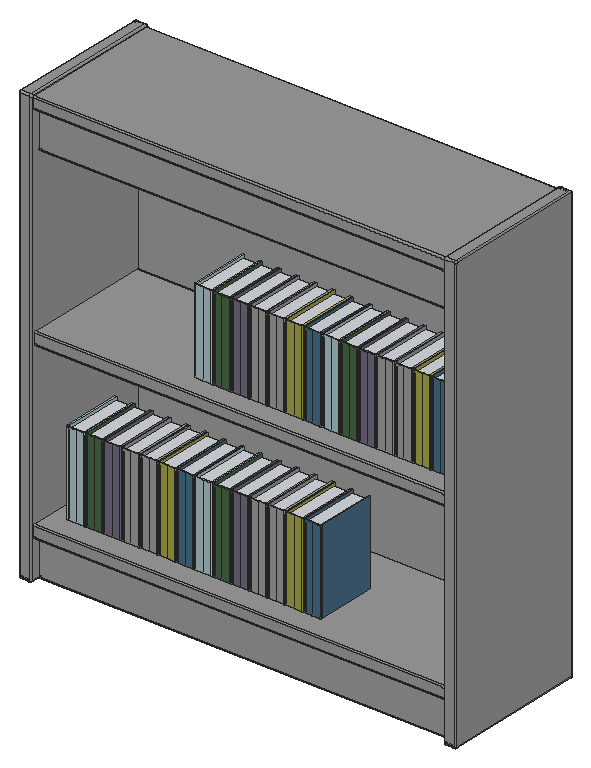
Revit family "Array 36x12x36", category Generic Models, Revit 2018
Family settings
  Can host rebar = No
  Round Connector Dimension = Use Diameter
  Part Type = Normal
  Work Plane-Based = No
  Always vertical = Yes
  Cut with Voids When Loaded = No
  Shared = No
  Room Calculation Point = No
Parameters
  Surface = Array Glider 36x12x36
Reference planes (in)
  plane 1 "Center (Front/Back)": y = 0
  plane 2: z = 0
  plane 3 "Center (Left/Right)": x = 0
Forms (in)
  Extrusion 1, solid, material "Array Glider 36x12x36" <- "Surface"
    sketch origin (0, 0, -6) x (0, 1, 0) y (0, 0, 1)
      loop
        line (-0.125, 41.23662) -> (-0.125, 42.00062)
        arc (-0.125, 42.00062) -> (-0.15956, 42.08405) -> (-0.243, 42.11862) r 0.118
        line (-0.243, 42.11862) -> (-11.757, 42.11862)
        arc (-11.757, 42.11862) -> (-11.84044, 42.08405) -> (-11.875, 42.00062) r 0.118
        line (-11.875, 42.00062) -> (-11.875, 41.23662)
        arc (-11.875, 41.23662) -> (-11.84044, 41.15318) -> (-11.757, 41.11862) r 0.118
        line (-11.757, 41.11862) -> (-0.243, 41.11862)
        arc (-0.243, 41.11862) -> (-0.15956, 41.15318) -> (-0.125, 41.23662) r 0.118
    from -17 to 17
  Extrusion 2, solid, material "Array Glider 36x12x36" <- "Surface"
    sketch origin (0, 0, -37.625) x (0, 1, 0) y (0, 0, 1)
      loop
        line (-0.993, 42.11862) -> (-11.757, 42.11862)
        arc (-11.757, 42.11862) -> (-11.84044, 42.08405) -> (-11.875, 42.00062) r 0.118
        line (-11.875, 42.00062) -> (-11.875, 41.23662)
        arc (-11.875, 41.23662) -> (-11.84044, 41.15318) -> (-11.757, 41.11862) r 0.118
        line (-11.757, 41.11862) -> (-0.993, 41.11862) -> (-0.993, 42.11862)
    from -17 to 17
  Extrusion 3, solid, material "Array Glider 36x12x36" <- "Surface"
    sketch origin (0, 0, -6) x (0, 1, 0) y (0, 0, 1)
      loop
        line (-11.25, 41.11862) -> (-11.25, 37.98662)
        arc (-11.25, 37.98662) -> (-11.21544, 37.90318) -> (-11.132, 37.86862) r 0.118
        line (-11.132, 37.86862) -> (-10.368, 37.86862)
        arc (-10.368, 37.86862) -> (-10.28456, 37.90318) -> (-10.25, 37.98662) r 0.118
        line (-10.25, 37.98662) -> (-10.25, 41.11862) -> (-11.25, 41.11862)
    from -17 to 17
  Extrusion 4, solid, material "Array Glider 36x12x36" <- "Surface"
    sketch origin (0, 0, -37.625) x (0, 1, 0) y (0, 0, 1)
      loop
        line (-11.25, 41.11862) -> (-11.25, 37.98662)
        arc (-11.25, 37.98662) -> (-11.21544, 37.90318) -> (-11.132, 37.86862) r 0.118
        line (-11.132, 37.86862) -> (-10.368, 37.86862)
        arc (-10.368, 37.86862) -> (-10.28456, 37.90318) -> (-10.25, 37.98662) r 0.118
        line (-10.25, 37.98662) -> (-10.25, 41.11862) -> (-11.25, 41.11862)
    from -17 to 17
  Extrusion 5, solid, material "Array Glider 36x12x36" <- "Surface"
    sketch origin (0, -0.618, 0) x (0, 1, 0) y (0, 0, 1)
      loop
        line (0.375, 0.24362) -> (0.375, 35.11862) -> (-0.375, 35.11862) -> (-0.375, 0.24362) -> (0.375, 0.24362)
    from -17 to 17
  Extrusion 6, solid, material "Array Glider 36x12x36" <- "Surface"
    sketch origin (0, 0, -23.4375) x (0, 1, 0) y (0, 0, 1)
      loop
        line (-0.993, 41.23662) -> (-0.993, 42.00062)
        arc (-0.993, 42.00062) -> (-1.02756, 42.08405) -> (-1.111, 42.11862) r 0.118
        line (-1.111, 42.11862) -> (-11.632, 42.11862)
        arc (-11.632, 42.11862) -> (-11.71544, 42.08405) -> (-11.75, 42.00062) r 0.118
        line (-11.75, 42.00062) -> (-11.75, 41.23662)
        arc (-11.75, 41.23662) -> (-11.71544, 41.15318) -> (-11.632, 41.11862) r 0.118
        line (-11.632, 41.11862) -> (-1.111, 41.11862)
        arc (-1.111, 41.11862) -> (-1.02756, 41.15318) -> (-0.993, 41.23662) r 0.118
    from -17 to 17
  Revolve 7, solid, material "Array Gliders"
    sketch origin (0, -9.56264, 0) x (1, 0, 0) y (0, 0, 1)
      loop
        line (-15.31312, 0) -> (-14.97741, 0)
        arc (-14.97741, 0) -> (-14.96813, 0.01343) -> (-14.9733, 0.02891) r 0.01826
        line (-14.9733, 0.02891) -> (-15.1255, 0.18112) -> (-15.18869, 0.18112) -> (-15.18869, 1.17538) -> (-15.31312, 1.17538) -> (-15.31312, 0)
      axis (-15.31312, 0) -> (-15.31312, 1.17538)
    angle from 0 to 360
  Extrusion 8, solid, material "Array Gliders"
    sketch origin (0, 0, 0) x (1, 0, 0) y (0, 1, 0)
      loop
        line (-13.9375, -10.25) -> (-16, -8.1875) -> (-16, -10.25) -> (-13.9375, -10.25)
    from 0.24362 to 0.30612
  Extrusion 9, solid, material "Array Glider 36x12x36" <- "Surface"
    sketch origin (0, 0, 0) x (1, 0, 0) y (0, 0, 1)
      loop
        line (-17, 3.49362) -> (-17, 0.24362) -> (-16, 0.24362) -> (-16, 3.49362) -> (-17, 3.49362)
    from 0.993 to 10.25
  Extrusion 10, solid, material "Array Glider 36x12x36" <- "Surface"
    sketch origin (0, 0, 0) x (-1, 0, 0) y (0, 0, -1)
      loop
        line (-17, -3.49362) -> (-16, -3.49362) -> (-16, -0.24362) -> (-17, -0.24362) -> (-17, -3.49362)
    from 0.993 to 10.25
  Extrusion 11, solid, material "Array Glider 36x12x36" <- "Surface"
    sketch origin (0, 0, 31.625) x (-1, 0, 0) y (0, 0, -1)
      loop
        line (-17, -3.49362) -> (-16, -3.49362) -> (-16, -0.36162)
        arc (-16, -0.36162) -> (-16.03456, -0.27818) -> (-16.118, -0.24362) r 0.118
        line (-16.118, -0.24362) -> (-16.882, -0.24362)
        arc (-16.882, -0.24362) -> (-16.96544, -0.27818) -> (-17, -0.36162) r 0.118
        line (-17, -0.36162) -> (-17, -3.49362)
    from 0.993 to 10.25
  Extrusion 12, solid, material "Array Glider 36x12x36" <- "Surface"
    sketch origin (0, 0, 31.625) x (1, 0, 0) y (0, 0, 1)
      loop
        line (-17, 3.49362) -> (-17, 0.36162)
        arc (-17, 0.36162) -> (-16.96544, 0.27818) -> (-16.882, 0.24362) r 0.118
        line (-16.882, 0.24362) -> (-16.118, 0.24362)
        arc (-16.118, 0.24362) -> (-16.03456, 0.27818) -> (-16, 0.36162) r 0.118
        line (-16, 0.36162) -> (-16, 3.49362) -> (-17, 3.49362)
    from 0.993 to 10.25
  Revolve 13, solid, material "Array Gliders"
    sketch origin (0, -9.56264, 0) x (-1, 0, 0) y (0, 0, -1)
      loop
        line (-15.31312, 0) -> (-15.31312, -1.17538) -> (-15.18869, -1.17538) -> (-15.18869, -0.18112) -> (-15.1255, -0.18112) -> (-14.9733, -0.02891)
        arc (-14.9733, -0.02891) -> (-14.96813, -0.01343) -> (-14.97741, 0) r 0.01826
        line (-14.97741, 0) -> (-15.31312, 0)
      axis (-15.31312, 0) -> (-15.31312, -1.17538)
    angle from 0 to 360
  Extrusion 14, solid, material "Array Gliders"
    sketch origin (0, 0, 0) x (-1, 0, 0) y (0, -1, 0)
      loop
        line (-13.9375, 10.25) -> (-16, 10.25) -> (-16, 8.1875) -> (-13.9375, 10.25)
    from 0.24362 to 0.30612
  Revolve 15, solid, material "Array Gliders"
    sketch origin (0, -1.68036, 0) x (1, 0, 0) y (0, 0, -1)
      loop
        line (-15.31312, 0) -> (-15.31312, -1.17538) -> (-15.18869, -1.17538) -> (-15.18869, -0.18112) -> (-15.1255, -0.18112) -> (-14.9733, -0.02891)
        arc (-14.9733, -0.02891) -> (-14.96813, -0.01343) -> (-14.97741, 0) r 0.01826
        line (-14.97741, 0) -> (-15.31312, 0)
      axis (-15.31312, 0) -> (-15.31312, -1.17538)
    angle from 0 to 360
  Extrusion 16, solid, material "Array Gliders"
    sketch origin (0, -11.243, 0) x (1, 0, 0) y (0, 1, 0)
      loop
        line (-13.9375, 10.25) -> (-16, 10.25) -> (-16, 8.1875) -> (-13.9375, 10.25)
    from 0.24362 to 0.30612
  Revolve 17, solid, material "Array Gliders"
    sketch origin (0, -1.68036, 0) x (-1, 0, 0) y (0, 0, 1)
      loop
        line (-15.31312, 0) -> (-14.97741, 0)
        arc (-14.97741, 0) -> (-14.96813, 0.01343) -> (-14.9733, 0.02891) r 0.01826
        line (-14.9733, 0.02891) -> (-15.1255, 0.18112) -> (-15.18869, 0.18112) -> (-15.18869, 1.17538) -> (-15.31312, 1.17538) -> (-15.31312, 0)
      axis (-15.31312, 0) -> (-15.31312, 1.17538)
    angle from 0 to 360
  Extrusion 18, solid, material "Array Gliders"
    sketch origin (0, -11.243, 0) x (-1, 0, 0) y (0, -1, 0)
      loop
        line (-13.9375, -10.25) -> (-16, -8.1875) -> (-16, -10.25) -> (-13.9375, -10.25)
    from 0.24362 to 0.30612
  Sweep 19, solid, material "Array Glider 36x12x36" <- "Surface"
    path origin (0, 0, 0) x (0, 1, 0) y (0, 0, 1)
      loop
        arc (-11.86124, 36.12562) -> (-11.87592, 36.11954) -> (-11.882, 36.10486) r 0.02076
        line (-11.882, 36.10486) -> (-11.882, 0.38237)
        arc (-11.882, 0.38237) -> (-11.87592, 0.36769) -> (-11.86124, 0.36162) r 0.02076
        line (-11.86124, 0.36162) -> (-0.13876, 0.36162)
        arc (-0.13876, 0.36162) -> (-0.12408, 0.36769) -> (-0.118, 0.38237) r 0.02076
        line (-0.118, 0.38237) -> (-0.118, 36.10486)
        arc (-0.118, 36.10486) -> (-0.12408, 36.11954) -> (-0.13876, 36.12562) r 0.02076
        line (-0.13876, 36.12562) -> (-11.86124, 36.12562)
    profile origin (0, -6, 36.12562) x (0, 0, 1) y (1, 0, 0)
      loop
        line (0, -17) -> (0, -18)
        arc (0, -18) -> (0.08344, -17.96544) -> (0.118, -17.882) r 0.118
        line (0.118, -17.882) -> (0.118, -17.118)
        arc (0.118, -17.118) -> (0.08344, -17.03456) -> (0, -17) r 0.118
  Extrusion 20, solid, material "Array Glider 36x12x36" <- "Surface"
    sketch origin (0, 0, 0) x (0, 1, 0) y (0, 0, -1)
      loop
        line (-11.86124, -36.12562) -> (-0.13876, -36.12562)
        arc (-0.13876, -36.12562) -> (-0.12408, -36.11954) -> (-0.118, -36.10486) r 0.02076
        line (-0.118, -36.10486) -> (-0.118, -0.38237)
        arc (-0.118, -0.38237) -> (-0.12408, -0.36769) -> (-0.13876, -0.36162) r 0.02076
        line (-0.13876, -0.36162) -> (-11.86124, -0.36162)
        arc (-11.86124, -0.36162) -> (-11.87592, -0.36769) -> (-11.882, -0.38237) r 0.02076
        line (-11.882, -0.38237) -> (-11.882, -36.10486)
        arc (-11.882, -36.10486) -> (-11.87592, -36.11954) -> (-11.86124, -36.12562) r 0.02076
    from 17 to 18
  Sweep 21, solid, material "Array Glider 36x12x36" <- "Surface"
    path origin (0, 0, 0) x (0, 1, 0) y (0, 0, -1)
      loop
        line (-11.86124, -36.12562) -> (-0.13876, -36.12562)
        arc (-0.13876, -36.12562) -> (-0.12408, -36.11954) -> (-0.118, -36.10486) r 0.02076
        line (-0.118, -36.10486) -> (-0.118, -0.38237)
        arc (-0.118, -0.38237) -> (-0.12408, -0.36769) -> (-0.13876, -0.36162) r 0.02076
        line (-0.13876, -0.36162) -> (-11.86124, -0.36162)
        arc (-11.86124, -0.36162) -> (-11.87592, -0.36769) -> (-11.882, -0.38237) r 0.02076
        line (-11.882, -0.38237) -> (-11.882, -36.10486)
        arc (-11.882, -36.10486) -> (-11.87592, -36.11954) -> (-11.86124, -36.12562) r 0.02076
    profile origin (0, -6, 36.12562) x (0, 0, -1) y (-1, 0, 0)
      loop
        arc (0, -17) -> (-0.08344, -17.03456) -> (-0.118, -17.118) r 0.118
        line (-0.118, -17.118) -> (-0.118, -17.882)
        arc (-0.118, -17.882) -> (-0.08344, -17.96544) -> (0, -18) r 0.118
        line (0, -18) -> (0, -17)
  Extrusion 22, solid, material "Array Glider 36x12x36" <- "Surface"
    sketch origin (0, 0, 0) x (0, 1, 0) y (0, 0, 1)
      loop
        arc (-11.86124, 36.12562) -> (-11.87592, 36.11954) -> (-11.882, 36.10486) r 0.02076
        line (-11.882, 36.10486) -> (-11.882, 0.38237)
        arc (-11.882, 0.38237) -> (-11.87592, 0.36769) -> (-11.86124, 0.36162) r 0.02076
        line (-11.86124, 0.36162) -> (-0.13876, 0.36162)
        arc (-0.13876, 0.36162) -> (-0.12408, 0.36769) -> (-0.118, 0.38237) r 0.02076
        line (-0.118, 0.38237) -> (-0.118, 36.10486)
        arc (-0.118, 36.10486) -> (-0.12408, 36.11954) -> (-0.13876, 36.12562) r 0.02076
        line (-0.13876, 36.12562) -> (-11.86124, 36.12562)
    from 17 to 18
Dimensions and locks (in)
  aligned and locked: plane 2 to level
Nested families (in)
  nested 1: "Books" at (-15, -9.9375, 4.49362), type "Books"
  nested 2: "Books" at (-4.5, -9.9375, 4.49362), type "Books"
  nested 3: "Books" at (-4.5, -9.9375, 18.68112), type "Books"
  nested 4: "Books" at (6, -9.9375, 18.68112), type "Books"
Definition of nested family "Books"
  Reference planes (in)
    plane 1 "Center (Front/Back)": y = 0
    plane 2: z = 0
    plane 3 "Center (Left/Right)": x = 0
    plane 4: z = 0.125
    plane 5: z = 10.875
    plane 6: z = 8.875
    plane 7: y = 1
    plane 8: y = 6
    plane 9: y = 5
    plane 10: z = 6.875
  Forms (in)
    Extrusion 1, solid
      sketch origin (0, 0, 0) x (1, 0, 0) y (0, 1, 0)
        loop
          line (-0.75, 5) -> (-0.75, 0.16705)
          arc (-0.75, 0.16705) -> (-0.70136, 0.11841) -> (-0.75, 0.06977) r 0.04864
          arc (-0.75, 0.06977) -> (-0.71934, 0.01698) -> (-0.66069, 0) r 0.082
          line (-0.66069, 0) -> (0, 0) -> (0.66069, 0)
          arc (0.66069, 0) -> (0.71934, 0.01698) -> (0.75, 0.06977) r 0.082
          arc (0.75, 0.06977) -> (0.70136, 0.11841) -> (0.75, 0.16705) r 0.04864
          line (0.75, 0.16705) -> (0.75, 5) -> (0.6254, 5) -> (0.6254, 0.12848)
          arc (0.6254, 0.12848) -> (0.6041, 0.08281) -> (0.55544, 0.06977) r 0.05961
          line (0.55544, 0.06977) -> (0, 0.06977) -> (-0.55544, 0.06977)
          arc (-0.55544, 0.06977) -> (-0.6041, 0.08281) -> (-0.6254, 0.12848) r 0.05961
          line (-0.6254, 0.12848) -> (-0.6254, 5) -> (-0.75, 5)
      from 0 to 6.875
    Extrusion 2, solid
      sketch origin (-4.75, -180, 0.125) x (-1, 0, 0) y (0, -1, 0)
        loop
          line (-4.1246, -184.88306) -> (-4.1246, -180.13971) -> (-5.3754, -180.13971) -> (-5.3754, -184.88306) -> (-4.1246, -184.88306)
      from 0 to 6.57025
    Extrusion 3, solid
      sketch origin (1.5, 0, 0) x (1, 0, 0) y (0, 1, 0)
        loop
          line (-0.75, 5) -> (-0.75, 0.16705)
          arc (-0.75, 0.16705) -> (-0.70136, 0.11841) -> (-0.75, 0.06977) r 0.04864
          arc (-0.75, 0.06977) -> (-0.71934, 0.01698) -> (-0.66069, 0) r 0.082
          line (-0.66069, 0) -> (0, 0) -> (0.66069, 0)
          arc (0.66069, 0) -> (0.71934, 0.01698) -> (0.75, 0.06977) r 0.082
          arc (0.75, 0.06977) -> (0.70136, 0.11841) -> (0.75, 0.16705) r 0.04864
          line (0.75, 0.16705) -> (0.75, 5) -> (0.6254, 5) -> (0.6254, 0.12848)
          arc (0.6254, 0.12848) -> (0.6041, 0.08281) -> (0.55544, 0.06977) r 0.05961
          line (0.55544, 0.06977) -> (0, 0.06977) -> (-0.55544, 0.06977)
          arc (-0.55544, 0.06977) -> (-0.6041, 0.08281) -> (-0.6254, 0.12848) r 0.05961
          line (-0.6254, 0.12848) -> (-0.6254, 5) -> (-0.75, 5)
      from 0 to 6.875
    Extrusion 4, solid
      sketch origin (-3.25, -180, 0.125) x (-1, 0, 0) y (0, -1, 0)
        loop
          line (-4.1246, -184.88306) -> (-4.1246, -180.13971) -> (-5.3754, -180.13971) -> (-5.3754, -184.88306) -> (-4.1246, -184.88306)
      from 0 to 6.57025
    Extrusion 5, solid
      sketch origin (3, 0, 0) x (1, 0, 0) y (0, 1, 0)
        loop
          line (-0.75, 5) -> (-0.75, 0.16705)
          arc (-0.75, 0.16705) -> (-0.70136, 0.11841) -> (-0.75, 0.06977) r 0.04864
          arc (-0.75, 0.06977) -> (-0.71934, 0.01698) -> (-0.66069, 0) r 0.082
          line (-0.66069, 0) -> (0, 0) -> (0.66069, 0)
          arc (0.66069, 0) -> (0.71934, 0.01698) -> (0.75, 0.06977) r 0.082
          arc (0.75, 0.06977) -> (0.70136, 0.11841) -> (0.75, 0.16705) r 0.04864
          line (0.75, 0.16705) -> (0.75, 5) -> (0.6254, 5) -> (0.6254, 0.12848)
          arc (0.6254, 0.12848) -> (0.6041, 0.08281) -> (0.55544, 0.06977) r 0.05961
          line (0.55544, 0.06977) -> (0, 0.06977) -> (-0.55544, 0.06977)
          arc (-0.55544, 0.06977) -> (-0.6041, 0.08281) -> (-0.6254, 0.12848) r 0.05961
          line (-0.6254, 0.12848) -> (-0.6254, 5) -> (-0.75, 5)
      from 0 to 6.875
    Extrusion 6, solid
      sketch origin (-1.75, -180, 0.125) x (-1, 0, 0) y (0, -1, 0)
        loop
          line (-4.1246, -184.88306) -> (-4.1246, -180.13971) -> (-5.3754, -180.13971) -> (-5.3754, -184.88306) -> (-4.1246, -184.88306)
      from 0 to 6.57025
    Extrusion 7, solid
      sketch origin (4.5, 0, 0) x (1, 0, 0) y (0, 1, 0)
        loop
          line (-0.75, 5) -> (-0.75, 0.16705)
          arc (-0.75, 0.16705) -> (-0.70136, 0.11841) -> (-0.75, 0.06977) r 0.04864
          arc (-0.75, 0.06977) -> (-0.71934, 0.01698) -> (-0.66069, 0) r 0.082
          line (-0.66069, 0) -> (0, 0) -> (0.66069, 0)
          arc (0.66069, 0) -> (0.71934, 0.01698) -> (0.75, 0.06977) r 0.082
          arc (0.75, 0.06977) -> (0.70136, 0.11841) -> (0.75, 0.16705) r 0.04864
          line (0.75, 0.16705) -> (0.75, 5) -> (0.6254, 5) -> (0.6254, 0.12848)
          arc (0.6254, 0.12848) -> (0.6041, 0.08281) -> (0.55544, 0.06977) r 0.05961
          line (0.55544, 0.06977) -> (0, 0.06977) -> (-0.55544, 0.06977)
          arc (-0.55544, 0.06977) -> (-0.6041, 0.08281) -> (-0.6254, 0.12848) r 0.05961
          line (-0.6254, 0.12848) -> (-0.6254, 5) -> (-0.75, 5)
      from 0 to 6.875
    Extrusion 8, solid
      sketch origin (-0.25, -180, 0.125) x (-1, 0, 0) y (0, -1, 0)
        loop
          line (-4.1246, -184.88306) -> (-4.1246, -180.13971) -> (-5.3754, -180.13971) -> (-5.3754, -184.88306) -> (-4.1246, -184.88306)
      from 0 to 6.57025
    Extrusion 9, solid
      sketch origin (6, 0, 0) x (1, 0, 0) y (0, 1, 0)
        loop
          line (-0.75, 5) -> (-0.75, 0.16705)
          arc (-0.75, 0.16705) -> (-0.70136, 0.11841) -> (-0.75, 0.06977) r 0.04864
          arc (-0.75, 0.06977) -> (-0.71934, 0.01698) -> (-0.66069, 0) r 0.082
          line (-0.66069, 0) -> (0, 0) -> (0.66069, 0)
          arc (0.66069, 0) -> (0.71934, 0.01698) -> (0.75, 0.06977) r 0.082
          arc (0.75, 0.06977) -> (0.70136, 0.11841) -> (0.75, 0.16705) r 0.04864
          line (0.75, 0.16705) -> (0.75, 5) -> (0.6254, 5) -> (0.6254, 0.12848)
          arc (0.6254, 0.12848) -> (0.6041, 0.08281) -> (0.55544, 0.06977) r 0.05961
          line (0.55544, 0.06977) -> (0, 0.06977) -> (-0.55544, 0.06977)
          arc (-0.55544, 0.06977) -> (-0.6041, 0.08281) -> (-0.6254, 0.12848) r 0.05961
          line (-0.6254, 0.12848) -> (-0.6254, 5) -> (-0.75, 5)
      from 0 to 6.875
    Extrusion 10, solid
      sketch origin (1.25, -180, 0.125) x (-1, 0, 0) y (0, -1, 0)
        loop
          line (-4.1246, -184.88306) -> (-4.1246, -180.13971) -> (-5.3754, -180.13971) -> (-5.3754, -184.88306) -> (-4.1246, -184.88306)
      from 0 to 6.57025
    Extrusion 11, solid
      sketch origin (7.5, 0, 0) x (1, 0, 0) y (0, 1, 0)
        loop
          line (-0.75, 5) -> (-0.75, 0.16705)
          arc (-0.75, 0.16705) -> (-0.70136, 0.11841) -> (-0.75, 0.06977) r 0.04864
          arc (-0.75, 0.06977) -> (-0.71934, 0.01698) -> (-0.66069, 0) r 0.082
          line (-0.66069, 0) -> (0, 0) -> (0.66069, 0)
          arc (0.66069, 0) -> (0.71934, 0.01698) -> (0.75, 0.06977) r 0.082
          arc (0.75, 0.06977) -> (0.70136, 0.11841) -> (0.75, 0.16705) r 0.04864
          line (0.75, 0.16705) -> (0.75, 5) -> (0.6254, 5) -> (0.6254, 0.12848)
          arc (0.6254, 0.12848) -> (0.6041, 0.08281) -> (0.55544, 0.06977) r 0.05961
          line (0.55544, 0.06977) -> (0, 0.06977) -> (-0.55544, 0.06977)
          arc (-0.55544, 0.06977) -> (-0.6041, 0.08281) -> (-0.6254, 0.12848) r 0.05961
          line (-0.6254, 0.12848) -> (-0.6254, 5) -> (-0.75, 5)
      from 0 to 6.875
    Extrusion 12, solid
      sketch origin (2.75, -180, 0.125) x (-1, 0, 0) y (0, -1, 0)
        loop
          line (-4.1246, -184.88306) -> (-4.1246, -180.13971) -> (-5.3754, -180.13971) -> (-5.3754, -184.88306) -> (-4.1246, -184.88306)
      from 0 to 6.57025
    Extrusion 13, solid
      sketch origin (9, 0, 0) x (1, 0, 0) y (0, 1, 0)
        loop
          line (-0.75, 5) -> (-0.75, 0.16705)
          arc (-0.75, 0.16705) -> (-0.70136, 0.11841) -> (-0.75, 0.06977) r 0.04864
          arc (-0.75, 0.06977) -> (-0.71934, 0.01698) -> (-0.66069, 0) r 0.082
          line (-0.66069, 0) -> (0, 0) -> (0.66069, 0)
          arc (0.66069, 0) -> (0.71934, 0.01698) -> (0.75, 0.06977) r 0.082
          arc (0.75, 0.06977) -> (0.70136, 0.11841) -> (0.75, 0.16705) r 0.04864
          line (0.75, 0.16705) -> (0.75, 5) -> (0.6254, 5) -> (0.6254, 0.12848)
          arc (0.6254, 0.12848) -> (0.6041, 0.08281) -> (0.55544, 0.06977) r 0.05961
          line (0.55544, 0.06977) -> (0, 0.06977) -> (-0.55544, 0.06977)
          arc (-0.55544, 0.06977) -> (-0.6041, 0.08281) -> (-0.6254, 0.12848) r 0.05961
          line (-0.6254, 0.12848) -> (-0.6254, 5) -> (-0.75, 5)
      from 0 to 6.875
    Extrusion 14, solid
      sketch origin (4.25, -180, 0.125) x (-1, 0, 0) y (0, -1, 0)
        loop
          line (-4.1246, -184.88306) -> (-4.1246, -180.13971) -> (-5.3754, -180.13971) -> (-5.3754, -184.88306) -> (-4.1246, -184.88306)
      from 0 to 6.57025
  Lines and regions (in)
    model lines
      curve 1: line (-0.3754, 4.88306, 6.69525) -> (-0.3754, 0.13971, 6.69525)
      curve 2: line (-0.1254, 4.88306, 6.69525) -> (-0.1254, 0.13971, 6.69525)
      curve 3: line (0.1246, 4.88306, 6.69525) -> (0.1246, 0.13971, 6.69525)
      curve 4: line (0.3746, 4.88306, 6.69525) -> (0.3746, 0.13971, 6.69525)
      curve 5: line (1.1246, 4.88306, 6.69525) -> (1.1246, 0.13971, 6.69525)
      curve 6: line (1.3746, 4.88306, 6.69525) -> (1.3746, 0.13971, 6.69525)
      curve 7: line (1.6246, 4.88306, 6.69525) -> (1.6246, 0.13971, 6.69525)
      curve 8: line (1.8746, 4.88306, 6.69525) -> (1.8746, 0.13971, 6.69525)
      curve 9: line (2.6246, 4.88306, 6.69525) -> (2.6246, 0.13971, 6.69525)
      curve 10: line (2.8746, 4.88306, 6.69525) -> (2.8746, 0.13971, 6.69525)
      curve 11: line (3.1246, 4.88306, 6.69525) -> (3.1246, 0.13971, 6.69525)
      curve 12: line (3.3746, 4.88306, 6.69525) -> (3.3746, 0.13971, 6.69525)
      curve 13: line (4.1246, 4.88306, 6.69525) -> (4.1246, 0.13971, 6.69525)
      curve 14: line (4.3746, 4.88306, 6.69525) -> (4.3746, 0.13971, 6.69525)
      curve 15: line (4.6246, 4.88306, 6.69525) -> (4.6246, 0.13971, 6.69525)
      curve 16: line (4.8746, 4.88306, 6.69525) -> (4.8746, 0.13971, 6.69525)
      curve 17: line (5.6246, 4.88306, 6.69525) -> (5.6246, 0.13971, 6.69525)
      curve 18: line (5.8746, 4.88306, 6.69525) -> (5.8746, 0.13971, 6.69525)
      curve 19: line (6.1246, 4.88306, 6.69525) -> (6.1246, 0.13971, 6.69525)
      curve 20: line (6.3746, 4.88306, 6.69525) -> (6.3746, 0.13971, 6.69525)
      curve 21: line (7.1246, 4.88306, 6.69525) -> (7.1246, 0.13971, 6.69525)
      curve 22: line (7.3746, 4.88306, 6.69525) -> (7.3746, 0.13971, 6.69525)
      curve 23: line (7.6246, 4.88306, 6.69525) -> (7.6246, 0.13971, 6.69525)
      curve 24: line (7.8746, 4.88306, 6.69525) -> (7.8746, 0.13971, 6.69525)
      curve 25: line (8.6246, 4.88306, 6.69525) -> (8.6246, 0.13971, 6.69525)
      curve 26: line (8.8746, 4.88306, 6.69525) -> (8.8746, 0.13971, 6.69525)
      curve 27: line (9.1246, 4.88306, 6.69525) -> (9.1246, 0.13971, 6.69525)
      curve 28: line (9.3746, 4.88306, 6.69525) -> (9.3746, 0.13971, 6.69525)
